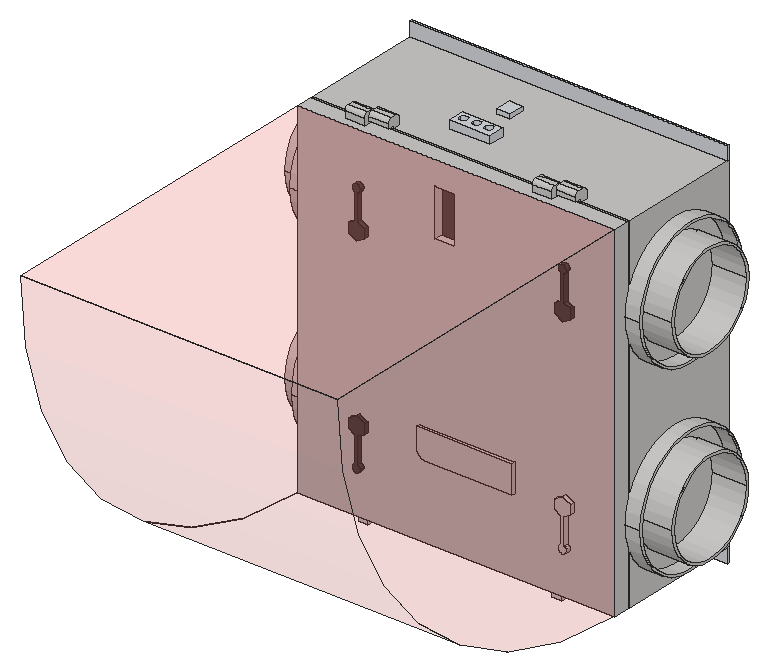
Revit family "EV Prem S_MAY22", category Mechanical Equipment, Revit 2019
Family settings
  Round Connector Dimension = Use Diameter
  Part Type = Normal
  Work Plane-Based = No
  Always vertical = Yes
  Cut with Voids When Loaded = No
  Shared = No
  Room Calculation Point = No
Parameters
  Watts = "53"
  Voltage = "120"
  Unit Weight = "32 lbs."
  Unit Dimensions = "23-3/4\" x 22-1/2\" x 9-1/2\""
  URL = "www.renewaire.com"
  Max Shipping Weight (in carton) = "38 lbs."
  Max Shipping Dims (in carton) = "30\" L x 22\" W x 15\" H"
  Continuous Operation Airflow = "30-130 CFM"
  Standard Features = "Unit may be mounted in any orientation, Low-voltage circuit for controls, Line-cord power supply, Dial-A-Flow - balance and airflow adjustment, Variable speed, Boost mode, Cross-core differential pressure ports, Gray painted cabinet"
  Service Area Visibility = yes
  Service Area = Renewaire - Interference
  Revit Object Download Link = ""
  Phase = "1"
  Motor(s) = "Qty. 2, 48V DC motorized impeller packages"
  Model = "SL70H"
  Minimum Circuit Amps = "10"
  Maximum Overcurrent Protection = "10"
  Manufacturer = "Renewaire LLC"
  Hertz = "60"
  Filters = "Total qty. 2, MERV 8, spun-polyester media: 7-1/2\" x 10-1/2\" x 1\""
  FLA per Motor = "0.85"
  Energy Recovery Type = "Static plate, heat and humidity transfer"
  Description = "Energy Recovery Ventilator"
  Controls = "Onboard digital controller with independent variable speeds"
  Cabinet Material [instance] = Renewaire - Galvanized Steel
  Accessories = "Backdraft damper 6\", Wall cap 6\" - white, brown, Digital time clock - wall mount (TC7D-W), in exterior enclosure (TC7D-E), Carbon dioxide sensor/control - wall mount (CO2-W), IAQ sensor - wall mount (IAQ-W), Motion occupancy sensor/control - ceiling mount (MC-C), wall mount (MC-W), Percentage timer control (PTL), Percentage timer control with furnace interlock (FM), Push-button point-of-use controls (PBL), PTL req'd., MERV 13 Filter - OA airstream, Wall bracket kit, Electric duct heater - RH series (1-4 kW); designed for indoor ductwork installation only"
Reference planes (in)
  plane 1 "Center (Front/Back)": y = 3.2476
  plane 2: z = 0
  plane 3 "Center (Left/Right)": x = 0
Forms (in)
  Extrusion 1, solid, material "Renewaire - Galvanized Steel" <- "Cabinet Material"
    sketch origin (0, 0, -0.00252) x (0, 1, 0) y (0, 0, 1)
      loop
        line (3.50113, 9.5) -> (-4.3374, 9.5) -> (-4.3374, -12.375) -> (3.50113, -12.375) -> (3.50113, 9.5)
    from -8.56314 to 11.43501
  Extrusion 2, solid, material "Renewaire - Galvanized Steel" <- "Cabinet Material"
    sketch origin (0, 3.6285, 0) x (0, 1, 0) y (0, 0, 1)
      loop
        line (-9.1154, 9.5) -> (-9.1154, -12.37751) -> (-8.0874, -12.37751) -> (-8.0874, 9.5) -> (-9.1154, 9.5)
    from -8.56314 to 11.43501
  Extrusion 3, solid, material "Renewaire - Galvanized Steel" <- "Cabinet Material"
    sketch origin (2.5, 3.65651, -0.00252) x (0, 1, 0) y (0, 0, 1)
      loop
        line (-7.55507, 9.5) -> (-7.55507, 9.91)
        arc (-7.55507, 9.91) -> (-7.62829, 10.08678) -> (-7.80507, 10.16) r 0.25
        line (-7.80507, 10.16) -> (-8.1494, 10.16)
        arc (-8.1494, 10.16) -> (-8.32618, 10.08678) -> (-8.3994, 9.91) r 0.25
        line (-8.3994, 9.91) -> (-8.3994, 9.64844) -> (-7.99845, 9.64844) -> (-7.99845, 9.5) -> (-7.55507, 9.5)
    from -7.16504 to -5.94508
  Extrusion 4, solid, material "Renewaire - Galvanized Steel" <- "Cabinet Material"
    sketch origin (0, 3.65651, 0) x (0, 1, 0) y (0, 0, 1)
      loop
        line (-7.55507, 9.5) -> (-7.55507, 9.91)
        arc (-7.55507, 9.91) -> (-7.62829, 10.08678) -> (-7.80507, 10.16) r 0.25
        line (-7.80507, 10.16) -> (-8.1494, 10.16)
        arc (-8.1494, 10.16) -> (-8.32618, 10.08678) -> (-8.3994, 9.91) r 0.25
        line (-8.3994, 9.91) -> (-8.3994, 9.64844) -> (-7.99845, 9.64844) -> (-7.99845, 9.5) -> (-7.55507, 9.5)
    from 7.14498 to 8.36494
  Extrusion 5, solid, material "Renewaire - Galvanized Steel" <- "Cabinet Material"
    sketch origin (2.5, -12.58442, -0.00252) x (0, -1, 0) y (0, 0, -1)
      loop
        line (-7.55507, -9.5) -> (-7.99845, -9.5) -> (-7.99845, -9.64844) -> (-8.3994, -9.64844) -> (-8.3994, -9.91)
        arc (-8.3994, -9.91) -> (-8.32618, -10.08678) -> (-8.1494, -10.16) r 0.25
        line (-8.1494, -10.16) -> (-7.80507, -10.16)
        arc (-7.80507, -10.16) -> (-7.62829, -10.08678) -> (-7.55507, -9.91) r 0.25
        line (-7.55507, -9.91) -> (-7.55507, -9.5)
    from -8.435 to -7.21504
  Extrusion 6, solid, material "Renewaire - Galvanized Steel" <- "Cabinet Material"
    sketch origin (0, -12.58442, 0) x (0, -1, 0) y (0, 0, -1)
      loop
        line (-7.55507, -9.5) -> (-7.99845, -9.5) -> (-7.99845, -9.64844) -> (-8.3994, -9.64844) -> (-8.3994, -9.91)
        arc (-8.3994, -9.91) -> (-8.32618, -10.08678) -> (-8.1494, -10.16) r 0.25
        line (-8.1494, -10.16) -> (-7.80507, -10.16)
        arc (-7.80507, -10.16) -> (-7.62829, -10.08678) -> (-7.55507, -9.91) r 0.25
        line (-7.55507, -9.91) -> (-7.55507, -9.5)
    from 5.87502 to 7.09498
  Extrusion 7, solid
    sketch origin (2.87556, 3.65651, -2.87499) x (0, 1, 0) y (0, 0, 1)
      loop
        line (-6.34251, -9.5) -> (-8.86571, -9.5) -> (-8.86571, -9.95328) -> (-6.34251, -9.95328) -> (-6.34251, -9.5)
    from -7.84693 to -7.25293
  Extrusion 8, solid
    sketch origin (0, 3.65651, -2.87499) x (0, 1, 0) y (0, 0, 1)
      loop
        line (-6.34251, -9.50252) -> (-8.86571, -9.50252) -> (-8.86571, -9.95328) -> (-6.34251, -9.95328) -> (-6.34251, -9.50252)
    from 7.25293 to 7.84693
  Extrusion 9, solid, material "Renewaire - Galvanized Steel" <- "Cabinet Material"
    sketch origin (2.87186, 3.6872, -2.134) x (0, 1, 0) y (0, 0, 1)
      loop
        circle (-4.4374, -5.366) r 2.875
      loop
        circle (-4.4374, -5.366) r 3
    from -13.65355 to -11.435
  Extrusion 10, solid, material "Renewaire - Galvanized Steel" <- "Cabinet Material"
    sketch origin (2.87186, 3.6872, 9.616) x (0, 1, 0) y (0, 0, 1)
      loop
        circle (-4.4374, -5.366) r 2.875
      loop
        circle (-4.4374, -5.366) r 3
    from -13.65355 to -11.435
  Extrusion 11, solid, material "Renewaire - Galvanized Steel" <- "Cabinet Material"
    sketch origin (2.87186, 3.6872, -2.134) x (0, 1, 0) y (0, 0, 1)
      loop
        circle (-4.4374, -5.366) r 3.875
      loop
        circle (-4.4374, -5.366) r 4
    from -12.43355 to -11.435
  Extrusion 12, solid, material "Renewaire - Galvanized Steel" <- "Cabinet Material"
    sketch origin (2.87186, 3.56353, 9.616) x (0, 1, 0) y (0, 0, 1)
      loop
        circle (-4.4374, -5.366) r 3.875
      loop
        circle (-4.4374, -5.366) r 4
    from -12.43355 to -11.435
  Extrusion 13, solid, material "Renewaire - Galvanized Steel" <- "Cabinet Material"
    sketch origin (0, 3.6872, -2.134) x (0, 1, 0) y (0, 0, -1)
      loop
        circle (-4.4374, 5.366) r 2.875
      loop
        circle (-4.4374, 5.366) r 3
    from -13.65355 to -11.435
  Extrusion 14, solid, material "Renewaire - Galvanized Steel" <- "Cabinet Material"
    sketch origin (0, 3.6872, 9.616) x (0, 1, 0) y (0, 0, -1)
      loop
        circle (-4.4374, 5.366) r 2.875
      loop
        circle (-4.4374, 5.366) r 3
    from -13.65355 to -11.435
  Extrusion 15, solid, material "Renewaire - Galvanized Steel" <- "Cabinet Material"
    sketch origin (0, 3.6872, -2.134) x (0, 1, 0) y (0, 0, -1)
      loop
        circle (-4.4374, 5.366) r 3.875
      loop
        circle (-4.4374, 5.366) r 4
    from -12.43355 to -11.435
  Extrusion 16, solid, material "Renewaire - Galvanized Steel" <- "Cabinet Material"
    sketch origin (0, 3.6872, 9.616) x (0, 1, 0) y (0, 0, -1)
      loop
        circle (-4.4374, 5.366) r 3.875
      loop
        circle (-4.4374, 5.366) r 4
    from -12.43355 to -11.435
  Extrusion 17, solid, material "Renewaire - Galvanized Steel" <- "Cabinet Material"
    sketch origin (0.785, 5.53018, 0.9708) x (0, 0, -1) y (1, 0, 0)
      loop
        line (10.435, 3) -> (8.635, 3) -> (8.635, -3) -> (9.935, -3)
        arc (9.935, -3) -> (10.28855, -2.85355) -> (10.435, -2.5) r 0.5
        line (10.435, -2.5) -> (10.435, 3)
    from 9.1154 to 9.3054
  Extrusion 18, solid, material "MonitorPorts"
    sketch origin (16.44097, -3.58522, -33.04468) x (1, 0, 0) y (0, 0, 1)
      loop
        line (-9.53348, 35.65895) -> (-9.94097, 35.42369) -> (-9.94097, 34.83769) -> (-9.43348, 34.54469) -> (-8.92599, 34.83769) -> (-8.92599, 35.42369) -> (-9.33348, 35.65895) -> (-9.33348, 37.28756)
        arc (-9.33348, 37.28756) -> (-9.43348, 37.76669) -> (-9.53348, 37.28756) r 0.25
        line (-9.53348, 37.28756) -> (-9.53348, 35.65895)
    from 0 to 0.25
  Extrusion 19, solid, material "MonitorPorts"
    sketch origin (3.44097, -3.58522, -33.04468) x (1, 0, 0) y (0, 0, 1)
      loop
        line (-9.53348, 35.65895) -> (-9.94097, 35.42369) -> (-9.94097, 34.83769) -> (-9.43348, 34.54469) -> (-8.92599, 34.83769) -> (-8.92599, 35.42369) -> (-9.33348, 35.65895) -> (-9.33348, 37.28756)
        arc (-9.33348, 37.28756) -> (-9.43348, 37.76669) -> (-9.53348, 37.28756) r 0.25
        line (-9.53348, 37.28756) -> (-9.53348, 35.65895)
    from 0 to 0.25
  Extrusion 20, solid, material "MonitorPorts"
    sketch origin (16.44097, -3.58522, 26.16969) x (1, 0, 0) y (0, 0, 1)
      loop
        line (-9.53348, -35.65895) -> (-9.53348, -37.28756)
        arc (-9.53348, -37.28756) -> (-9.43348, -37.76669) -> (-9.33348, -37.28756) r 0.25
        line (-9.33348, -37.28756) -> (-9.33348, -35.65895) -> (-8.92599, -35.42369) -> (-8.92599, -34.83769) -> (-9.43348, -34.54469) -> (-9.94097, -34.83769) -> (-9.94097, -35.42369) -> (-9.53348, -35.65895)
    from 0 to 0.25
  Extrusion 21, solid, material "MonitorPorts"
    sketch origin (3.44097, -3.58522, 26.16969) x (1, 0, 0) y (0, 0, 1)
      loop
        line (-9.53348, -35.65895) -> (-9.53348, -37.28756)
        arc (-9.53348, -37.28756) -> (-9.43348, -37.76669) -> (-9.33348, -37.28756) r 0.25
        line (-9.33348, -37.28756) -> (-9.33348, -35.65895) -> (-8.92599, -35.42369) -> (-8.92599, -34.83769) -> (-9.43348, -34.54469) -> (-9.94097, -34.83769) -> (-9.94097, -35.42369) -> (-9.53348, -35.65895)
    from 0 to 0.25
  Extrusion 22, void
    sketch origin (0.48, 3.65411, -1.02) x (0, 0, -1) y (1, 0, 0)
      loop
        line (-9.02, 0.875) -> (-9.02, -0.375) -> (-6.02, -0.375) -> (-6.02, 0.875) -> (-9.02, 0.875)
    from 8.60802 to 12
  Extrusion 23, solid, material "Renewaire - White"
    sketch origin (0.48, 5.52778, -1.02) x (0, 0, -1) y (1, 0, 0)
      loop
        circle (-6.55255, 0.28297) r 0.188
      loop
        circle (-7.18095, 0.28297) r 0.188
      loop
        circle (-7.86254, 0.28297) r 0.188
      loop
        circle (-8.48301, 0.28297) r 0.188
    from 8.60802 to 8.84227
  Extrusion 24, solid
    sketch origin (0, -10.99647, 0) x (0, 1, 0) y (0, 0, 1)
      loop
        line (14.4976, 9.5) -> (14.4976, 10.37752) -> (14.3742, 10.37752) -> (14.3742, 9.5) -> (14.4976, 9.5)
    from -8.56314 to 11.435
  Extrusion 25, solid
    sketch origin (0, -10.99647, -22.75252) x (0, 1, 0) y (0, 0, 1)
      loop
        line (14.4976, 9.5) -> (14.4976, 10.37752) -> (14.3742, 10.37752) -> (14.3742, 9.5) -> (14.4976, 9.5)
    from -8.56314 to 11.435
  Extrusion 26, solid
    sketch origin (-1.20873, -1.238, 0) x (0, 1, 0) y (0, 0, 1)
      loop
        line (2.2476, 9.49749) -> (2.2476, 9.74749) -> (1.2476, 9.74749) -> (1.2476, 9.49749) -> (2.2476, 9.49749)
    from 0.78881 to 1.62865
  Extrusion 27, solid
    sketch origin (8.54498, -10.38488, -1.52797) x (1, 0, 0) y (0, 1, 0)
      loop
        line (-9.78927, 8.7596) -> (-9.78927, 7.7596) -> (-7.28927, 7.7596) -> (-7.28927, 8.7596) -> (-9.78927, 8.7596)
      loop
        circle (-9.34598, 8.27944) r 0.25
      loop
        circle (-8.54498, 8.312) r 0.25
      loop
        circle (-7.78103, 8.31997) r 0.25
    from 11.02546 to 11.52546
  Extrusion 28, solid
    sketch origin (5.99751, 1.0131, -12.19771) x (0, 1, 0) y (0, 0, 1)
      loop
        line (-6.5, 21.69771) -> (-28.375, 21.69771)
        arc (-28.375, 21.69771) -> (-21.96796, 6.22975) -> (-6.5, -0.17729) r 21.875
        line (-6.5, -0.17729) -> (-6.5, 21.69771)
    from 5.4375 to -14.56065
  Extrusion 29, solid, material "Renewaire - Galvanized Steel" <- "Cabinet Material"
    sketch origin (2.11252, 3.6285, 2.80141) x (0, 0, -1) y (1, 0, 0)
      loop
        line (10.435, 3) -> (8.635, 3) -> (8.635, -3) -> (9.935, -3)
        arc (9.935, -3) -> (10.28855, -2.85355) -> (10.435, -2.5) r 0.5
        line (10.435, -2.5) -> (10.435, 3)
    from 9.1154 to 9.3054
  Extrusion 30, solid, material "MonitorPorts"
    sketch origin (17.76849, -5.4869, -31.21407) x (1, 0, 0) y (0, 0, 1)
      loop
        line (-9.53348, 35.65895) -> (-9.94097, 35.42369) -> (-9.94097, 34.83769) -> (-9.43348, 34.54469) -> (-8.92599, 34.83769) -> (-8.92599, 35.42369) -> (-9.33348, 35.65895) -> (-9.33348, 37.28756)
        arc (-9.33348, 37.28756) -> (-9.43348, 37.76669) -> (-9.53348, 37.28756) r 0.25
        line (-9.53348, 37.28756) -> (-9.53348, 35.65895)
    from 0 to 0.25
  Extrusion 31, solid, material "MonitorPorts"
    sketch origin (4.76849, -5.4869, -31.21407) x (1, 0, 0) y (0, 0, 1)
      loop
        line (-9.53348, 35.65895) -> (-9.94097, 35.42369) -> (-9.94097, 34.83769) -> (-9.43348, 34.54469) -> (-8.92599, 34.83769) -> (-8.92599, 35.42369) -> (-9.33348, 35.65895) -> (-9.33348, 37.28756)
        arc (-9.33348, 37.28756) -> (-9.43348, 37.76669) -> (-9.53348, 37.28756) r 0.25
        line (-9.53348, 37.28756) -> (-9.53348, 35.65895)
    from 0 to 0.25
  Extrusion 32, solid, material "Renewaire - Galvanized Steel" <- "Cabinet Material"
    sketch origin (17.76849, -5.4869, 28.00031) x (1, 0, 0) y (0, 0, 1)
      loop
        line (-9.53348, -35.65895) -> (-9.53348, -37.28756)
        arc (-9.53348, -37.28756) -> (-9.43348, -37.76669) -> (-9.33348, -37.28756) r 0.25
        line (-9.33348, -37.28756) -> (-9.33348, -35.65895) -> (-8.92599, -35.42369) -> (-8.92599, -34.83769) -> (-9.43348, -34.54469) -> (-9.94097, -34.83769) -> (-9.94097, -35.42369) -> (-9.53348, -35.65895)
    from 0 to 0.25
  Extrusion 33, solid, material "MonitorPorts"
    sketch origin (4.76849, -5.4869, 28.00031) x (1, 0, 0) y (0, 0, 1)
      loop
        line (-9.53348, -35.65895) -> (-9.53348, -37.28756)
        arc (-9.53348, -37.28756) -> (-9.43348, -37.76669) -> (-9.33348, -37.28756) r 0.25
        line (-9.33348, -37.28756) -> (-9.33348, -35.65895) -> (-8.92599, -35.42369) -> (-8.92599, -34.83769) -> (-9.43348, -34.54469) -> (-9.94097, -34.83769) -> (-9.94097, -35.42369) -> (-9.53348, -35.65895)
    from 0 to 0.25
Cuts and joins
  Extrusion 22 cuts Extrusion 1
  Extrusion 22 cuts Extrusion 2
Lines and regions (in)
  model lines, style "MechanicalEquipmentHiddenLines"
    curve 1: line (0, 2.1248, 4.25) -> (0, 1.87127, 4.25)
    curve 2: line (0, -0.75467, 4.25) -> (0, -0.75467, -1.25)
    curve 3: line (0, -0.7502, 8.125) -> (0, -0.7502, -11.5)
    curve 4: line (0, -0.7502, -11.5) -> (0, 3.6248, -11.5)
Dimensions and locks (in)
  cut or joined group of Extrusion 2, Extrusion 22 to plane 3 "Center (Left/Right)" = 0' - 8.56314"
  aligned and locked: plane 2 to level
  aligned and locked: cut or joined group of Extrusion 2, Extrusion 22 to Extrusion 1
Connectors (in)
  hvac at (13.65355, -0.7502, 4.25)
    settings: on Extrusion 14, index 1, duct flow 0 CFM, flow factor 0, pres drop 0.00 in-wg, loss coef 0, conn angle 0.00°, conn width 12", conn height 12", conn diameter 6", duct sys type 1, conn prof type 0, flow config 0, flow direction 2, loss method 0, conn ref index -1, conn util no, is conn primary yes, conn desc "Supply Air (SA)"
  hvac at (13.65355, -0.7502, -7.5)
    settings: on Extrusion 13, index 2, duct flow 0 CFM, flow factor 0, pres drop 0.00 in-wg, loss coef 0, conn angle 0.00°, conn width 12", conn height 12", conn diameter 6", duct sys type 2, conn prof type 0, flow config 0, flow direction 1, loss method 0, conn ref index -1, conn util no, is conn primary no, conn desc "Return Air (RA)"
  hvac at (-10.78169, -0.7502, 4.25)
    settings: on Extrusion 10, index 4, duct flow 0 CFM, flow factor 0, pres drop 0.00 in-wg, loss coef 0, conn angle 0.00°, conn width 12", conn height 12", conn diameter 6", duct sys type 3, conn prof type 0, flow config 0, flow direction 2, loss method 0, conn ref index -1, conn util no, is conn primary no, conn desc "Exhaust Air (EA)"
  hvac at (13.65355, -0.7502, -7.5)
    settings: on Extrusion 13, index 6, duct flow 0 CFM, flow factor 0, pres drop 0.00 in-wg, loss coef 0, conn angle 0.00°, conn width 12", conn height 12", conn diameter 6", duct sys type 2, conn prof type 0, flow config 0, flow direction 1, loss method 0, conn ref index -1, conn util no, is conn primary no, conn desc ""
  electrical at (0, 0.5096, 9.74749)
    settings: on Extrusion 26, index 7, voltage 0 V, apparent load 0 VA, apparent load phase1 0 VA, apparent load phase2 0 VA, apparent load phase3 0 VA, power factor 1, load classification "Other", number of poles 1, system type 31, power factor state 1, is connector primary yes, connector utility no, sub classification motor no, connector description ""
